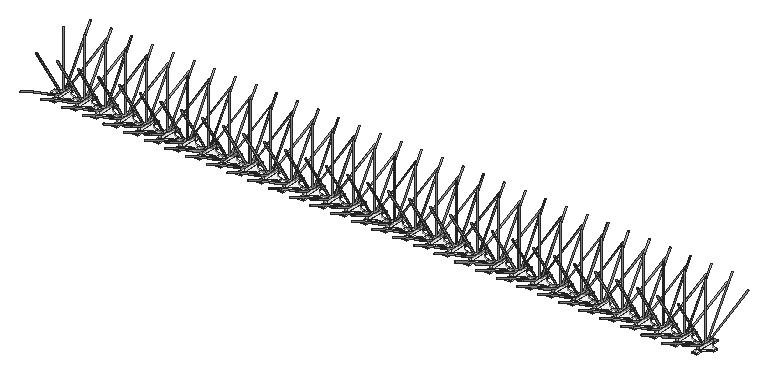
Revit family "BirdControl_Spikes_BirdBGone_2001", category Specialty Equipment, Revit 2019
Family settings
  Round Connector Dimension = Use Diameter
  Part Type = Normal
  OmniClass Number = 23.40.10.14.14.99
  OmniClass Title = Other Manufactured Exterior Specialties
  Cut with Voids When Loaded = No
  Shared = No
  Room Calculation Point = No
Parameters (values of type "BirdBGone template - Line Based")
  Warranty Duration (Years) = 0
  URL = "http://www.birdbgone.com/"
  Test Data = "http://www.birdbgone.com/bird-control-product-msds"
  Units [instance] = [built-in parameter 1001306] / 0' 1 1/2"  # 32
  Specification = "http://www.arcat.com/sdspecs/htm/10290bir.htm"
  SpecWizard = ""
  Send Message = "http://www.arcat.com/users.pl?action=UserEmail&company=Bird-B-Gone,%20Inc.&coid=38371&rep=147&fax=949-472-3116&mf="
  Sales Information = "http://www.birdbgone.com/bird-control-store/"
  Revision = "R1_10-2010"
  Product Properties = "http://www.arcat.com/bim/bim_info.pl?fn=BirdBGone"
  Product Data = "http://www.arcat.com/arcatcos/cos38/arc38371.html"
  Model = "As Specified in 10 81 19"
  Middle Front Row = yes
  Material = Metal - Stainless Steel - Bird B Gone
  Manufacturer Website = "http://www.birdbgone.com/"
  Manufacturer Phone - Toll Free = "800-392-6915"
  Manufacturer Phone = "949-472-3122"
  Manufacturer Fax = "949-472-3116"
  Manufacturer Address = "23918 Skyline, Mission Viejo, CA 92692"
  Manufacturer = "Bird-B-Gone, Inc."
  Maintenance Schedule (Months) = 0
  built-in parameter 1001306 [instance] = 4' - 0"
  Keynote = "10 81 19"
  Installation-Fabrication = "http://www.birdbgone.com/installation-instructions"
  Installation Phase = ""
  Green Building-LEED = "http://www.arcat.com/green/clients/leed_data_38371.html"
  Expected Lifespan (Years) = 0
  Drawn By = "Robert S. Weygant, CSI, CDT, SCIP"
  Description = "Bird Control Equipment as Specified in 10 81 19"
  Copyright = "2010 ARCAT, Inc."
  Construction Details = "http://www.arcat.com/details/birdbgon/birdbgon.html?coid=38371"
  Building Codes = "http://www.birdbgone.com/knowledge-center/"
  End Rows = yes
  Middle Back Row = yes
  Base Material = Plastic - Bird B Gone - Polycarbonate - Crystal Clear
  Assembly Code = "E1090900"
Reference planes (in)
  plane 1 "Center (Front/Back)": y = 0
  plane 2: z = 0
  plane 3 "Left": x = 0
  plane 4 "Right": x = 48
  plane 5: y = 0.625
  plane 6: y = -0.625
Lines and regions (in)
  reference lines
    curve 1: line (0, 0, 0) -> (48, 0, 0)
Dimensions and locks (in)
  "built-in parameter 1001306": plane 3 "Left" to plane 4 "Right"
  equal spacing: plane 5, curve 1, plane 6
  locked: plane 5 to plane 6 at 1.25
  equal spacing: group 1, group 2, group 3, group 4, group 5, group 6, group 7, group 8, group 9, group 10, group 11, group 12, group 13, group 14, group 15, group 16, group 17, group 18, group 19, group 20, group 21, group 22, group 23, group 24, group 25, group 26, group 27, group 28, group 29, group 30, group 31, group 32  (x3)
  aligned and locked: plane 4 "Right" to curve 1
  aligned and locked: plane 3 "Left" to curve 1
Nested families (in)
  nested 1: "SpikeUnit_2001" at (0.75, 0, 0) x (0, 1, 0) z (0, 0, 1), Middle Back Row <- "Middle Back Row", End Rows <- "End Rows", Material <- "Material", Base Material <- "Base Material", Middle Front Row <- "Middle Front Row", type "BirdBGone template - Standalone"
    with offset 0' - 0", Unit Height 0' - 4 1/2", Middle Back Row yes, Material Metal - Stainless Steel - Bird B Gone, End Rows yes, Base Material Plastic - Bird B Gone - Polycarbonate - Crystal Clear
  nested 2: "SpikeUnit_2001" at (2.25, 0, 0) x (0, 1, 0) z (0, 0, 1), Middle Back Row <- "Middle Back Row", End Rows <- "End Rows", Material <- "Material", Base Material <- "Base Material", Middle Front Row <- "Middle Front Row", type "BirdBGone template - Standalone"
    with offset 0' - 0", Unit Height 0' - 4 1/2", Middle Front Row yes, Middle Back Row yes, Material Metal - Stainless Steel - Bird B Gone, End Rows yes, Base Material Plastic - Bird B Gone - Polycarbonate - Crystal Clear
  nested 3: "SpikeUnit_2001" at (3.75, 0, 0) x (0, 1, 0) z (0, 0, 1), Middle Back Row <- "Middle Back Row", End Rows <- "End Rows", Material <- "Material", Base Material <- "Base Material", Middle Front Row <- "Middle Front Row", type "BirdBGone template - Standalone"
    with offset 0' - 0", Unit Height 0' - 4 1/2", Middle Front Row yes, Middle Back Row yes, Material Metal - Stainless Steel - Bird B Gone, End Rows yes, Base Material Plastic - Bird B Gone - Polycarbonate - Crystal Clear
  nested 4: "SpikeUnit_2001" at (5.25, 0, 0) x (0, 1, 0) z (0, 0, 1), Middle Back Row <- "Middle Back Row", End Rows <- "End Rows", Material <- "Material", Base Material <- "Base Material", Middle Front Row <- "Middle Front Row", type "BirdBGone template - Standalone"
    with offset 0' - 0", Unit Height 0' - 4 1/2", Middle Front Row yes, Middle Back Row yes, Material Metal - Stainless Steel - Bird B Gone, End Rows yes, Base Material Plastic - Bird B Gone - Polycarbonate - Crystal Clear
  nested 5: "SpikeUnit_2001" at (6.75, 0, 0) x (0, 1, 0) z (0, 0, 1), Middle Back Row <- "Middle Back Row", End Rows <- "End Rows", Material <- "Material", Base Material <- "Base Material", Middle Front Row <- "Middle Front Row", type "BirdBGone template - Standalone"
    with offset 0' - 0", Unit Height 0' - 4 1/2", Middle Front Row yes, Middle Back Row yes, Material Metal - Stainless Steel - Bird B Gone, End Rows yes, Base Material Plastic - Bird B Gone - Polycarbonate - Crystal Clear
  nested 6: "SpikeUnit_2001" at (8.25, 0, 0) x (0, 1, 0) z (0, 0, 1), Middle Back Row <- "Middle Back Row", End Rows <- "End Rows", Material <- "Material", Base Material <- "Base Material", Middle Front Row <- "Middle Front Row", type "BirdBGone template - Standalone"
    with offset 0' - 0", Unit Height 0' - 4 1/2", Middle Front Row yes, Middle Back Row yes, Material Metal - Stainless Steel - Bird B Gone, End Rows yes, Base Material Plastic - Bird B Gone - Polycarbonate - Crystal Clear
  nested 7: "SpikeUnit_2001" at (9.75, 0, 0) x (0, 1, 0) z (0, 0, 1), Middle Back Row <- "Middle Back Row", End Rows <- "End Rows", Material <- "Material", Base Material <- "Base Material", Middle Front Row <- "Middle Front Row", type "BirdBGone template - Standalone"
    with offset 0' - 0", Unit Height 0' - 4 1/2", Middle Front Row yes, Middle Back Row yes, Material Metal - Stainless Steel - Bird B Gone, End Rows yes, Base Material Plastic - Bird B Gone - Polycarbonate - Crystal Clear
  nested 8: "SpikeUnit_2001" at (11.25, 0, 0) x (0, 1, 0) z (0, 0, 1), Middle Back Row <- "Middle Back Row", End Rows <- "End Rows", Material <- "Material", Base Material <- "Base Material", Middle Front Row <- "Middle Front Row", type "BirdBGone template - Standalone"
    with offset 0' - 0", Unit Height 0' - 4 1/2", Middle Front Row yes, Middle Back Row yes, Material Metal - Stainless Steel - Bird B Gone, End Rows yes, Base Material Plastic - Bird B Gone - Polycarbonate - Crystal Clear
  nested 9: "SpikeUnit_2001" at (12.75, 0, 0) x (0, 1, 0) z (0, 0, 1), Middle Back Row <- "Middle Back Row", End Rows <- "End Rows", Material <- "Material", Base Material <- "Base Material", Middle Front Row <- "Middle Front Row", type "BirdBGone template - Standalone"
    with offset 0' - 0", Unit Height 0' - 4 1/2", Middle Front Row yes, Middle Back Row yes, Material Metal - Stainless Steel - Bird B Gone, End Rows yes, Base Material Plastic - Bird B Gone - Polycarbonate - Crystal Clear
  nested 10: "SpikeUnit_2001" at (14.25, 0, 0) x (0, 1, 0) z (0, 0, 1), Middle Back Row <- "Middle Back Row", End Rows <- "End Rows", Material <- "Material", Base Material <- "Base Material", Middle Front Row <- "Middle Front Row", type "BirdBGone template - Standalone"
    with offset 0' - 0", Unit Height 0' - 4 1/2", Middle Front Row yes, Middle Back Row yes, Material Metal - Stainless Steel - Bird B Gone, End Rows yes, Base Material Plastic - Bird B Gone - Polycarbonate - Crystal Clear
  nested 11: "SpikeUnit_2001" at (15.75, 0, 0) x (0, 1, 0) z (0, 0, 1), Middle Back Row <- "Middle Back Row", End Rows <- "End Rows", Material <- "Material", Base Material <- "Base Material", Middle Front Row <- "Middle Front Row", type "BirdBGone template - Standalone"
    with offset 0' - 0", Unit Height 0' - 4 1/2", Middle Front Row yes, Middle Back Row yes, Material Metal - Stainless Steel - Bird B Gone, End Rows yes, Base Material Plastic - Bird B Gone - Polycarbonate - Crystal Clear
  nested 12: "SpikeUnit_2001" at (17.25, 0, 0) x (0, 1, 0) z (0, 0, 1), Middle Back Row <- "Middle Back Row", End Rows <- "End Rows", Material <- "Material", Base Material <- "Base Material", Middle Front Row <- "Middle Front Row", type "BirdBGone template - Standalone"
    with offset 0' - 0", Unit Height 0' - 4 1/2", Middle Front Row yes, Middle Back Row yes, Material Metal - Stainless Steel - Bird B Gone, End Rows yes, Base Material Plastic - Bird B Gone - Polycarbonate - Crystal Clear
  nested 13: "SpikeUnit_2001" at (18.75, 0, 0) x (0, 1, 0) z (0, 0, 1), Middle Back Row <- "Middle Back Row", End Rows <- "End Rows", Material <- "Material", Base Material <- "Base Material", Middle Front Row <- "Middle Front Row", type "BirdBGone template - Standalone"
    with offset 0' - 0", Unit Height 0' - 4 1/2", Middle Front Row yes, Middle Back Row yes, Material Metal - Stainless Steel - Bird B Gone, End Rows yes, Base Material Plastic - Bird B Gone - Polycarbonate - Crystal Clear
  nested 14: "SpikeUnit_2001" at (20.25, 0, 0) x (0, 1, 0) z (0, 0, 1), Middle Back Row <- "Middle Back Row", End Rows <- "End Rows", Material <- "Material", Base Material <- "Base Material", Middle Front Row <- "Middle Front Row", type "BirdBGone template - Standalone"
    with offset 0' - 0", Unit Height 0' - 4 1/2", Middle Front Row yes, Middle Back Row yes, Material Metal - Stainless Steel - Bird B Gone, End Rows yes, Base Material Plastic - Bird B Gone - Polycarbonate - Crystal Clear
  nested 15: "SpikeUnit_2001" at (21.75, 0, 0) x (0, 1, 0) z (0, 0, 1), Middle Back Row <- "Middle Back Row", End Rows <- "End Rows", Material <- "Material", Base Material <- "Base Material", Middle Front Row <- "Middle Front Row", type "BirdBGone template - Standalone"
    with offset 0' - 0", Unit Height 0' - 4 1/2", Middle Front Row yes, Middle Back Row yes, Material Metal - Stainless Steel - Bird B Gone, End Rows yes, Base Material Plastic - Bird B Gone - Polycarbonate - Crystal Clear
  nested 16: "SpikeUnit_2001" at (23.25, 0, 0) x (0, 1, 0) z (0, 0, 1), Middle Back Row <- "Middle Back Row", End Rows <- "End Rows", Material <- "Material", Base Material <- "Base Material", Middle Front Row <- "Middle Front Row", type "BirdBGone template - Standalone"
    with offset 0' - 0", Unit Height 0' - 4 1/2", Middle Front Row yes, Middle Back Row yes, Material Metal - Stainless Steel - Bird B Gone, End Rows yes, Base Material Plastic - Bird B Gone - Polycarbonate - Crystal Clear
  nested 17: "SpikeUnit_2001" at (24.75, 0, 0) x (0, 1, 0) z (0, 0, 1), Middle Back Row <- "Middle Back Row", End Rows <- "End Rows", Material <- "Material", Base Material <- "Base Material", Middle Front Row <- "Middle Front Row", type "BirdBGone template - Standalone"
    with offset 0' - 0", Unit Height 0' - 4 1/2", Middle Front Row yes, Middle Back Row yes, Material Metal - Stainless Steel - Bird B Gone, End Rows yes, Base Material Plastic - Bird B Gone - Polycarbonate - Crystal Clear
  nested 18: "SpikeUnit_2001" at (26.25, 0, 0) x (0, 1, 0) z (0, 0, 1), Middle Back Row <- "Middle Back Row", End Rows <- "End Rows", Material <- "Material", Base Material <- "Base Material", Middle Front Row <- "Middle Front Row", type "BirdBGone template - Standalone"
    with offset 0' - 0", Unit Height 0' - 4 1/2", Middle Front Row yes, Middle Back Row yes, Material Metal - Stainless Steel - Bird B Gone, End Rows yes, Base Material Plastic - Bird B Gone - Polycarbonate - Crystal Clear
  nested 19: "SpikeUnit_2001" at (27.75, 0, 0) x (0, 1, 0) z (0, 0, 1), Middle Back Row <- "Middle Back Row", End Rows <- "End Rows", Material <- "Material", Base Material <- "Base Material", Middle Front Row <- "Middle Front Row", type "BirdBGone template - Standalone"
    with offset 0' - 0", Unit Height 0' - 4 1/2", Middle Front Row yes, Middle Back Row yes, Material Metal - Stainless Steel - Bird B Gone, End Rows yes, Base Material Plastic - Bird B Gone - Polycarbonate - Crystal Clear
  nested 20: "SpikeUnit_2001" at (29.25, 0, 0) x (0, 1, 0) z (0, 0, 1), Middle Back Row <- "Middle Back Row", End Rows <- "End Rows", Material <- "Material", Base Material <- "Base Material", Middle Front Row <- "Middle Front Row", type "BirdBGone template - Standalone"
    with offset 0' - 0", Unit Height 0' - 4 1/2", Middle Front Row yes, Middle Back Row yes, Material Metal - Stainless Steel - Bird B Gone, End Rows yes, Base Material Plastic - Bird B Gone - Polycarbonate - Crystal Clear
  nested 21: "SpikeUnit_2001" at (30.75, 0, 0) x (0, 1, 0) z (0, 0, 1), Middle Back Row <- "Middle Back Row", End Rows <- "End Rows", Material <- "Material", Base Material <- "Base Material", Middle Front Row <- "Middle Front Row", type "BirdBGone template - Standalone"
    with offset 0' - 0", Unit Height 0' - 4 1/2", Middle Front Row yes, Middle Back Row yes, Material Metal - Stainless Steel - Bird B Gone, End Rows yes, Base Material Plastic - Bird B Gone - Polycarbonate - Crystal Clear
  nested 22: "SpikeUnit_2001" at (32.25, 0, 0) x (0, 1, 0) z (0, 0, 1), Middle Back Row <- "Middle Back Row", End Rows <- "End Rows", Material <- "Material", Base Material <- "Base Material", Middle Front Row <- "Middle Front Row", type "BirdBGone template - Standalone"
    with offset 0' - 0", Unit Height 0' - 4 1/2", Middle Front Row yes, Middle Back Row yes, Material Metal - Stainless Steel - Bird B Gone, End Rows yes, Base Material Plastic - Bird B Gone - Polycarbonate - Crystal Clear
  nested 23: "SpikeUnit_2001" at (33.75, 0, 0) x (0, 1, 0) z (0, 0, 1), Middle Back Row <- "Middle Back Row", End Rows <- "End Rows", Material <- "Material", Base Material <- "Base Material", Middle Front Row <- "Middle Front Row", type "BirdBGone template - Standalone"
    with offset 0' - 0", Unit Height 0' - 4 1/2", Middle Front Row yes, Middle Back Row yes, Material Metal - Stainless Steel - Bird B Gone, End Rows yes, Base Material Plastic - Bird B Gone - Polycarbonate - Crystal Clear
  nested 24: "SpikeUnit_2001" at (35.25, 0, 0) x (0, 1, 0) z (0, 0, 1), Middle Back Row <- "Middle Back Row", End Rows <- "End Rows", Material <- "Material", Base Material <- "Base Material", Middle Front Row <- "Middle Front Row", type "BirdBGone template - Standalone"
    with offset 0' - 0", Unit Height 0' - 4 1/2", Middle Front Row yes, Middle Back Row yes, Material Metal - Stainless Steel - Bird B Gone, End Rows yes, Base Material Plastic - Bird B Gone - Polycarbonate - Crystal Clear
  nested 25: "SpikeUnit_2001" at (36.75, 0, 0) x (0, 1, 0) z (0, 0, 1), Middle Back Row <- "Middle Back Row", End Rows <- "End Rows", Material <- "Material", Base Material <- "Base Material", Middle Front Row <- "Middle Front Row", type "BirdBGone template - Standalone"
    with offset 0' - 0", Unit Height 0' - 4 1/2", Middle Front Row yes, Middle Back Row yes, Material Metal - Stainless Steel - Bird B Gone, End Rows yes, Base Material Plastic - Bird B Gone - Polycarbonate - Crystal Clear
  nested 26: "SpikeUnit_2001" at (38.25, 0, 0) x (0, 1, 0) z (0, 0, 1), Middle Back Row <- "Middle Back Row", End Rows <- "End Rows", Material <- "Material", Base Material <- "Base Material", Middle Front Row <- "Middle Front Row", type "BirdBGone template - Standalone"
    with offset 0' - 0", Unit Height 0' - 4 1/2", Middle Front Row yes, Middle Back Row yes, Material Metal - Stainless Steel - Bird B Gone, End Rows yes, Base Material Plastic - Bird B Gone - Polycarbonate - Crystal Clear
  nested 27: "SpikeUnit_2001" at (39.75, 0, 0) x (0, 1, 0) z (0, 0, 1), Middle Back Row <- "Middle Back Row", End Rows <- "End Rows", Material <- "Material", Base Material <- "Base Material", Middle Front Row <- "Middle Front Row", type "BirdBGone template - Standalone"
    with offset 0' - 0", Unit Height 0' - 4 1/2", Middle Front Row yes, Middle Back Row yes, Material Metal - Stainless Steel - Bird B Gone, End Rows yes, Base Material Plastic - Bird B Gone - Polycarbonate - Crystal Clear
  nested 28: "SpikeUnit_2001" at (41.25, 0, 0) x (0, 1, 0) z (0, 0, 1), Middle Back Row <- "Middle Back Row", End Rows <- "End Rows", Material <- "Material", Base Material <- "Base Material", Middle Front Row <- "Middle Front Row", type "BirdBGone template - Standalone"
    with offset 0' - 0", Unit Height 0' - 4 1/2", Middle Front Row yes, Middle Back Row yes, Material Metal - Stainless Steel - Bird B Gone, End Rows yes, Base Material Plastic - Bird B Gone - Polycarbonate - Crystal Clear
  nested 29: "SpikeUnit_2001" at (42.75, 0, 0) x (0, 1, 0) z (0, 0, 1), Middle Back Row <- "Middle Back Row", End Rows <- "End Rows", Material <- "Material", Base Material <- "Base Material", Middle Front Row <- "Middle Front Row", type "BirdBGone template - Standalone"
    with offset 0' - 0", Unit Height 0' - 4 1/2", Middle Front Row yes, Middle Back Row yes, Material Metal - Stainless Steel - Bird B Gone, End Rows yes, Base Material Plastic - Bird B Gone - Polycarbonate - Crystal Clear
  nested 30: "SpikeUnit_2001" at (44.25, 0, 0) x (0, 1, 0) z (0, 0, 1), Middle Back Row <- "Middle Back Row", End Rows <- "End Rows", Material <- "Material", Base Material <- "Base Material", Middle Front Row <- "Middle Front Row", type "BirdBGone template - Standalone"
    with offset 0' - 0", Unit Height 0' - 4 1/2", Middle Front Row yes, Middle Back Row yes, Material Metal - Stainless Steel - Bird B Gone, End Rows yes, Base Material Plastic - Bird B Gone - Polycarbonate - Crystal Clear
  nested 31: "SpikeUnit_2001" at (45.75, 0, 0) x (0, 1, 0) z (0, 0, 1), Middle Back Row <- "Middle Back Row", End Rows <- "End Rows", Material <- "Material", Base Material <- "Base Material", Middle Front Row <- "Middle Front Row", type "BirdBGone template - Standalone"
    with offset 0' - 0", Unit Height 0' - 4 1/2", Middle Front Row yes, Middle Back Row yes, Material Metal - Stainless Steel - Bird B Gone, End Rows yes, Base Material Plastic - Bird B Gone - Polycarbonate - Crystal Clear
  nested 32: "SpikeUnit_2001" at (47.25, 0, 0) x (0, 1, 0) z (0, 0, 1), Middle Back Row <- "Middle Back Row", End Rows <- "End Rows", Material <- "Material", Base Material <- "Base Material", Middle Front Row <- "Middle Front Row", type "BirdBGone template - Standalone"
    with offset 0' - 0", Unit Height 0' - 4 1/2", Middle Front Row yes, Middle Back Row yes, Material Metal - Stainless Steel - Bird B Gone, End Rows yes, Base Material Plastic - Bird B Gone - Polycarbonate - Crystal Clear
Definition of nested family "SpikeUnit_2001"
  Parameters
    offset [instance] = 0' - 0"
    Warranty Duration (Years) = 0
    Unit Width = 0' - 7"
    Unit Height [instance] = 0' - 4 1/2"
    Unit Depth = 0' - 0 1/4"
    URL = "http://www.birdbgone.com/"
    Test Data = "http://www.birdbgone.com/bird-control-product-msds"
    Specification = "http://www.arcat.com/sdspecs/htm/10290bir.htm"
    SpecWizard = ""
    Send Message = "http://www.arcat.com/users.pl?action=UserEmail&company=Bird-B-Gone,%20Inc.&coid=38371&rep=147&fax=949-472-3116&mf="
    Sales Information = "http://www.birdbgone.com/bird-control-store/"
    Revision = "R1_10-2010"
    Product Properties = "http://www.arcat.com/bim/bim_info.pl?fn=BirdBGone"
    Product Data = "http://www.arcat.com/arcatcos/cos38/arc38371.html"
    Model = "As Specified in 10 81 19"
    Middle Front Row [instance] = yes
    Middle Back Row [instance] = yes
    Material [instance] = none
    Manufacturer Website = "http://www.birdbgone.com/"
    Manufacturer Phone - Toll Free = "800-392-6915"
    Manufacturer Phone = "949-472-3122"
    Manufacturer Fax = "949-472-3116"
    Manufacturer Address = "23918 Skyline, Mission Viejo, CA 92692"
    Manufacturer = "Bird-B-Gone, Inc."
    Maintenance Schedule (Months) = 0
    Keynote = "10 81 19"
    Installation-Fabrication = "http://www.birdbgone.com/installation-instructions"
    Installation Phase = ""
    Green Building-LEED = "http://www.arcat.com/green/clients/leed_data_38371.html"
    Expected Lifespan (Years) = 0
    End Rows [instance] = yes
    Drawn By = "Robert S. Weygant, CSI, CDT, SCIP"
    Description = "Bird Control Equipment as Specified in 10 81 19"
    Copyright = "wt"
    Construction Details = "http://www.arcat.com/details/birdbgon/birdbgon.html?coid=38371"
    Building Codes = "http://www.birdbgone.com/knowledge-center/"
    Base Material [instance] = none
    Assembly Code = "E1090900"
  Reference planes (in)
    plane 1 "Center (Front/Back)": y = 0
    plane 2 "Bottom": z = 0
    plane 3 "Center (Left/Right)": x = 0
    plane 4 "Top": z = 4.5
    plane 5: x = -1
    plane 6: x = 1
    plane 7: y = -0.75
    plane 8: y = 0.75
  Forms (in)
    Extrusion 1, solid, material <- "Base Material"
      sketch origin (0, 0, 0) x (1, 0, 0) y (0, 1, 0)
        loop
          line (1, 0.1875) -> (0.5519, 0.1875)
          arc (0.5519, 0.1875) -> (0.40496, 0.23525) -> (0.31414, 0.36025) r 0.25
          line (0.31414, 0.36025) -> (0.1875, 0.75) -> (-0.1875, 0.75) -> (-0.31414, 0.36025)
          arc (-0.31414, 0.36025) -> (-0.40496, 0.23525) -> (-0.5519, 0.1875) r 0.25
          line (-0.5519, 0.1875) -> (-1, 0.1875) -> (-1, -0.1875) -> (-0.5519, -0.1875)
          arc (-0.5519, -0.1875) -> (-0.40496, -0.23525) -> (-0.31414, -0.36025) r 0.25
          line (-0.31414, -0.36025) -> (-0.1875, -0.75) -> (0.1875, -0.75) -> (0.31414, -0.36025)
          arc (0.31414, -0.36025) -> (0.40496, -0.23525) -> (0.5519, -0.1875) r 0.25
          line (0.5519, -0.1875) -> (1, -0.1875) -> (1, 0.1875)
      from 0 to 0.125
    Extrusion 2, solid, material <- "Base Material"
      sketch origin (0, 0, 0) x (0, 1, 0) y (-1, 0, 0)
        loop
          line (-0.125, 0.625) -> (-0.125, -0.625) -> (0.125, -0.625) -> (0.125, 0.625) -> (-0.125, 0.625)
      from 0 to 0.375
    Sweep 3, solid, material <- "Material", detail levels medium+fine
      path origin (0, 0, 0) x (0.707107, 0, 0.707107) y (-0.707107, 0, 0.707107)
        loop
          line (0.26517, 0.26517) -> (3.18198, 3.18198)
      profile origin (0, 0, 2.4375) x (-1, 0, 0) y (0, -1, 0)
        loop
          circle (0, 0) r 0.03125
    Sweep 4, solid, material <- "Material", visible <- "Middle Front Row", detail levels medium+fine
      path origin (0.05128, 0, 0.05698) x (0.97437, 0, 0.224951) y (-0.224951, 0, 0.97437)
        loop
          line (0.20443, 0.20443) -> (3.18198, 3.18198)
      profile origin (1.3202, 0, 2.08768) x (-0.848048, 0, 0.529919) y (0, -1, 0)
        loop
          circle (0, 0) r 0.03125
    Sweep 5, solid, material <- "Material", visible <- "End Rows", detail levels medium+fine
      path origin (-0.1741, 0, 0.04622) x (0.945519, 0, -0.325568) y (0.325568, 0, 0.945519)
        loop
          line (0.41987, 0.41987) -> (3.18198, 3.18198)
      profile origin (2.11504, 0, 1.16271) x (-0.438371, 0, 0.898794) y (0, -1, 0)
        loop
          circle (0, 0) r 0.03125
    Sweep 6, solid, material <- "Material", visible <- "Middle Back Row", detail levels medium+fine
      path origin (-0.05128, 0, 0.05698) x (-0.97437, 0, 0.224951) y (-0.224951, 0, -0.97437)
        loop
          line (0.20443, -0.20443) -> (3.18198, -3.18198)
      profile origin (-1.3202, 0, 2.08768) x (-0.848048, 0, -0.529919) y (0, -1, 0)
        loop
          circle (0, 0) r 0.03125
    Sweep 7, solid, material <- "Material", visible <- "End Rows", detail levels medium+fine
      path origin (0.1741, 0, 0.04622) x (-0.945519, 0, -0.325568) y (0.325568, 0, -0.945519)
        loop
          line (0.41987, -0.41987) -> (3.18198, -3.18198)
      profile origin (-2.11504, 0, 1.16271) x (-0.438371, 0, -0.898794) y (0, -1, 0)
        loop
          circle (0, 0) r 0.03125
  Cuts and joins
    joined: Extrusion 1, Extrusion 2
  Lines and regions (in)
    model lines, detail levels coarse
      curve 1: line (0, 0, 0.375) -> (0, 0, 4.5)
    model lines, visible <- "Middle Front Row", detail levels coarse
      curve 2: line (0.25, 0, 0.375) -> (2.43592, 0, 3.8732)
    model lines, visible <- "End Rows", detail levels coarse
      curve 3: line (0.5, 0, 0.375) -> (3.87048, 0, 2.01889)
      curve 5: line (-0.5, 0, 0.375) -> (-3.87048, 0, 2.01889)
    model lines, visible <- "Middle Back Row", detail levels coarse
      curve 4: line (-0.25, 0, 0.375) -> (-2.43592, 0, 3.8732)
  Dimensions and locks (in)
    "Unit Height": plane 4 "Top" to level
    plane 5 to plane 3 "Center (Left/Right)" = 0' - 1"
  Automatic sketch dimensions
    Extrusion 1 sketch curve to plane 5 = 0' - 0"
    Extrusion 1 sketch curve to plane 8 = 0' - 0"
    Extrusion 1 sketch curve to plane 7 = 0' - 0"
    Extrusion 1 sketch curve to plane 6 = 0' - 0"
    plane 5 to Extrusion 1 sketch curve = 0' - 0.4481"
    Extrusion 1 sketch curve to Extrusion 1 sketch curve = 0' - 0"
    Extrusion 1 sketch curve to Extrusion 1 sketch curve = 0' - 0.23776"  (x4)
    Extrusion 1 sketch curve to plane 3 "Center (Left/Right)" = 0' - 0 3/16"  (x2)
    plane 3 "Center (Left/Right)" to Extrusion 1 sketch curve = 0' - 0 3/16"  (x2)
    plane 3 "Center (Left/Right)" to Extrusion 1 sketch curve = 0' - 0.31414"  (x2)
    plane 7 to Extrusion 1 sketch curve = 0' - 0 5/16"  (x2)
    Extrusion 1 sketch curve to Extrusion 1 sketch curve = 0' - 0.07725"  (x2)
    Extrusion 1 sketch curve to plane 1 "Center (Front/Back)" = 0' - 0 3/16"  (x2)
    Extrusion 1 sketch curve to Extrusion 1 sketch curve = 0' - 0.17275"  (x2)
    curve 1 to plane 3 "Center (Left/Right)" = 0' - 0"  (x2)
    curve 1 to plane 4 "Top" = 0' - 0"
    curve 4 to curve 1 = 0' - 2.16567"
    curve 3 to curve 1 = 0' - 2.56326"
    curve 2 to curve 3 = 0' - 0.17678"
    curve 1 to curve 2 = 0' - 0.17678"
    curve 4 to curve 1 = 0' - 0.17678"
    curve 5 to curve 4 = 0' - 0.17678"
    curve 5 to curve 4 = 0' - 2.32558"
    curve 3 to curve 3 = 0' - 3.54569"
    curve 3 to curve 2 = 0' - 0.29681"
    curve 2 to curve 1 = 0' - 0.17678"
    curve 3 to curve 2 = 0' - 0.17678"
    curve 3 to curve 3 = 0' - 1.22088"
    curve 1 to curve 4 = 0' - 0.17678"
    curve 4 to curve 5 = 0' - 0.17678"
    curve 3 to curve 2 = 0' - 2.32558"
    curve 5 to curve 5 = 0' - 3.54569"
    curve 5 to curve 4 = 0' - 0.29681"
    plane 1 "Center (Front/Back)" to Extrusion 2 sketch curve = 0' - 0 1/8"
    Extrusion 2 sketch curve to plane 1 "Center (Front/Back)" = 0' - 0 1/8"
    plane 6 to Extrusion 2 sketch curve = 0' - 0 3/8"
    plane 5 to Extrusion 2 sketch curve = 0' - 0 3/8"
    Sweep 3 sketch curve to plane 3 "Center (Left/Right)" = 0' - 0"  (x2)
    Sweep 3 sketch curve to plane 4 "Top" = 0' - 0"
    Sweep 3 sketch curve to Sweep 3 sketch curve = 0' - 2.91682"
    Sweep 3 sketch curve to profile plane = 0' - 0"  (x2)
    plane 3 "Center (Left/Right)" to Sweep 4 sketch curve = 0' - 0.20448"
    level to Sweep 4 sketch curve = 0' - 0.30216"
    Sweep 4 sketch curve to Sweep 4 sketch curve = 0' - 2.97755"  (x2)
    Sweep 4 sketch curve to profile plane = 0' - 0"  (x2)
    level to Sweep 5 sketch curve = 0' - 0.30652"
    plane 3 "Center (Left/Right)" to Sweep 5 sketch curve = 0' - 0.35959"
    Sweep 5 sketch curve to Sweep 5 sketch curve = 0' - 2.76211"  (x2)
    Sweep 5 sketch curve to profile plane = 0' - 0"  (x2)
    Sweep 6 sketch curve to plane 3 "Center (Left/Right)" = 0' - 0.20448"
    level to Sweep 6 sketch curve = 0' - 0.30216"
    Sweep 6 sketch curve to Sweep 6 sketch curve = 0' - 2.97755"  (x2)
    Sweep 6 sketch curve to profile plane = 0' - 0"  (x2)
    level to Sweep 7 sketch curve = 0' - 0.30652"
    Sweep 7 sketch curve to plane 3 "Center (Left/Right)" = 0' - 0.35959"
    Sweep 7 sketch curve to Sweep 7 sketch curve = 0' - 2.76211"  (x2)
    Sweep 7 sketch curve to profile plane = 0' - 0"  (x2)
    radius of Sweep 3 sketch curve = 0' - 0 1/32"
    radius of Sweep 4 sketch curve = 0' - 0 1/32"
    radius of Sweep 5 sketch curve = 0' - 0 1/32"
    radius of Sweep 6 sketch curve = 0' - 0 1/32"
    radius of Sweep 7 sketch curve = 0' - 0 1/32"
